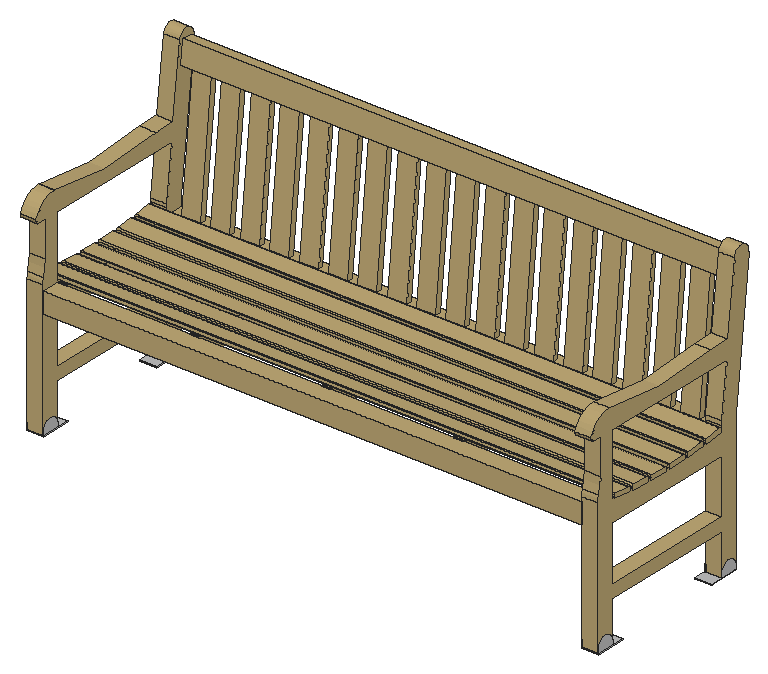
Revit family "L-FUR_벤치_BCBG1-M_예건", category 일반 모델, Revit 2021
Family settings
  보강 철근 호스트 가능 = 아니오
  원형 커넥터 치수 = 지름 사용
  부품 유형 = 보통
  작업 기준면 기반 = 아니오
  항상 수직 = 예
  로드될 때 보이드를 사용하여 절단 = 아니오
  공유 = 아니오
  룸 계산 점 = 아니오
Parameters
  한국산업규격KS = ""
  조달청표준공사코드-세부공종 = ""
  기본 입면도 = 0 mm
  건설정보분류체계-부위분류 = "E943"
  LIM_INFO_주의사항 = "재배포, 재가공, 판매 금지"
  LIM_INFO_제품업체 = "예건"
  LIM_INFO_제품번호 = "YF-16"
  LIM_INFO_제품명 = "펜스_YF-16"
  LIM_INFO_제작일 = "20230315"
  LIM_INFO_재료 = "Hardwood, STL-pipe, STL-plate"
  LIM_INFO_업체정보 = ""
  LIM_INFO_업체URL = "https://yekun.com/"
  LIM_INFO_업체TEL = "(+82)31-943-6114"
  LIM_INFO_업체EMAIL = "yekun@yekun.com"
  LIM_INFO_버전 = "2023_V01"
  LIM_INFO_기타정보 = ""
  LIM_INFO_규격 = "W2000 x H1800"
  LIM_INFO_가격 = 0
  LIM_INFO_PV_포장재여부 = yes
  LIM_INFO_PV_면적 = 0.00 m²
  KBIMS_식별-버전 = ""
  KBIMS_식별-bSK등록번호 = ""
  KBIMS_보급정보-저작자 = "림인포테크_MMJ"
  KBIMS_보급정보-보급코드 = ""
Reference planes
  plane 1 "중심(앞/뒤)": y = 0
  plane 2: z = 0
  plane 3 "중심(왼쪽/오른쪽)": x = 0
Dimensions and locks
  aligned and locked: level to plane 2
Nested families
  nested 1: "BCBG1-M_base" at (0, 0, 0), type "BCBG1-M_base"
Definition of nested family "BCBG1-M_base"
  Parameters (values of type "BCBG1-M_base")
    Default Elevation = 0 mm
  Reference planes
    plane 1 "중심(앞/뒤)": y = 0
    plane 2: z = 0
    plane 3 "중심(왼쪽/오른쪽)": x = 0
  Forms (mm)
    Extrusion 1, solid, detail levels fine
      sketch origin (2, 1137.389, -250.311) x (0, 1, 0) y (0, 0, 1)
        loop
          arc (-1100.675, 748.285) -> (-1102.038, 723.089) -> (-1106.675, 698.285) r 193.013
          arc (-1106.675, 698.285) -> (-1109.647, 688.479) -> (-1110.676, 678.285) r 53
          line (-1110.676, 678.285) -> (-1110.679, 252.336) -> (-1055.679, 252.336) -> (-1055.679, 383.311) -> (-623.678, 383.311) -> (-623.678, 252.336) -> (-568.678, 252.336) -> (-568.678, 678.363)
          arc (-568.678, 678.363) -> (-568.472, 684.767) -> (-567.857, 691.146) r 100
          line (-567.857, 691.146) -> (-517.49, 1128.029)
          arc (-517.49, 1128.029) -> (-541.699, 1158.132) -> (-572.123, 1134.328) r 27.5
          line (-572.123, 1134.328) -> (-597.385, 915.209) -> (-666.936, 915.209)
          arc (-666.936, 915.209) -> (-864.983, 899.996) -> (-1062.023, 925.085) r 978.676
          arc (-1062.023, 925.085) -> (-1063.055, 925.271) -> (-1064.077, 925.347) r 10
          arc (-1064.077, 925.347) -> (-1109.327, 911.455) -> (-1137.389, 873.336) r 75.424
          arc (-1137.389, 873.336) -> (-1134.27, 864.165) -> (-1125.393, 860.285) r 12
          line (-1125.393, 860.285) -> (-1100.675, 860.285) -> (-1100.675, 748.285)
        loop
          line (-1055.676, 663.314) -> (-1051.264, 663.314)
          arc (-1051.264, 663.314) -> (-911.589, 649.805) -> (-771.262, 649.872) r 1448.819
          arc (-771.262, 649.872) -> (-762.186, 650.314) -> (-753.113, 650.811) r 1500
          arc (-753.113, 650.811) -> (-751.542, 650.878) -> (-749.974, 650.995) r 49.453
          arc (-749.974, 650.995) -> (-688.892, 655.908) -> (-628.062, 663.311) r 1500
          line (-628.062, 663.311) -> (-623.678, 663.311) -> (-623.678, 681.893)
          arc (-623.678, 681.893) -> (-623.472, 688.297) -> (-622.857, 694.676) r 100
          line (-622.857, 694.676) -> (-603.486, 860.281) -> (-1055.676, 860.281) -> (-1055.676, 663.314)
        loop
          line (-623.678, 598.314) -> (-1055.676, 598.314) -> (-1055.676, 423.311) -> (-623.678, 423.311) -> (-623.678, 598.314)
      from 0 to 50
    Extrusion 2, solid, detail levels fine
      sketch origin (2, -0.045, 0) x (0, 1, 0) y (0, 0, 1)
        loop
          line (149.639, 419.915) -> (96.998, 426.073)
          arc (96.998, 426.073) -> (94.789, 425.446) -> (93.67, 423.442) r 3
          line (93.67, 423.442) -> (92.624, 414.502)
          arc (92.624, 414.502) -> (93.25, 412.293) -> (95.255, 411.174) r 3
          line (95.255, 411.174) -> (147.896, 405.016)
          arc (147.896, 405.016) -> (150.105, 405.643) -> (151.224, 407.648) r 3
          line (151.224, 407.648) -> (152.27, 416.587)
          arc (152.27, 416.587) -> (151.644, 418.796) -> (149.639, 419.915) r 3
        loop
          arc (164.603, 406.412) -> (165.336, 404.236) -> (167.393, 403.215) r 3
          line (167.393, 403.215) -> (220.271, 399.626)
          arc (220.271, 399.626) -> (222.447, 400.359) -> (223.468, 402.416) r 3
          line (223.468, 402.416) -> (224.077, 411.395)
          arc (224.077, 411.395) -> (223.344, 413.571) -> (221.287, 414.591) r 3
          line (221.287, 414.591) -> (168.409, 418.181)
          arc (168.409, 418.181) -> (166.233, 417.448) -> (165.213, 415.391) r 3
          line (165.213, 415.391) -> (164.603, 406.412)
        loop
          arc (236.865, 402.041) -> (237.695, 399.901) -> (239.796, 398.974) r 3
          line (239.796, 398.974) -> (292.783, 397.776)
          arc (292.783, 397.776) -> (294.923, 398.606) -> (295.85, 400.707) r 3
          line (295.85, 400.707) -> (296.053, 409.705)
          arc (296.053, 409.705) -> (295.223, 411.845) -> (293.122, 412.772) r 3
          line (293.122, 412.772) -> (240.136, 413.97)
          arc (240.136, 413.97) -> (237.995, 413.14) -> (237.069, 411.039) r 3
          line (237.069, 411.039) -> (236.865, 402.041)
        loop
          arc (309.315, 400.775) -> (310.256, 398.68) -> (312.403, 397.865) r 3
          line (312.403, 397.865) -> (365.38, 399.431)
          arc (365.38, 399.431) -> (367.474, 400.372) -> (368.29, 402.518) r 3
          line (368.29, 402.518) -> (368.024, 411.514)
          arc (368.024, 411.514) -> (367.083, 413.609) -> (364.936, 414.424) r 3
          line (364.936, 414.424) -> (311.96, 412.858)
          arc (311.96, 412.858) -> (309.865, 411.917) -> (309.05, 409.771) r 3
          line (309.05, 409.771) -> (309.315, 400.775)
        loop
          arc (381.706, 403.242) -> (382.748, 401.196) -> (384.931, 400.485) r 3
          line (384.931, 400.485) -> (437.769, 404.627)
          arc (437.769, 404.627) -> (439.815, 405.669) -> (440.526, 407.852) r 3
          line (440.526, 407.852) -> (439.822, 416.825)
          arc (439.822, 416.825) -> (438.781, 418.871) -> (436.597, 419.581) r 3
          line (436.597, 419.581) -> (383.759, 415.44)
          arc (383.759, 415.44) -> (381.713, 414.398) -> (381.003, 412.214) r 3
          line (381.003, 412.214) -> (381.706, 403.242)
        loop
          arc (453.895, 409.228) -> (455.035, 407.235) -> (457.25, 406.632) r 3
          line (457.25, 406.632) -> (509.824, 413.339)
          arc (509.824, 413.339) -> (511.817, 414.479) -> (512.42, 416.694) r 3
          line (512.42, 416.694) -> (511.281, 425.622)
          arc (511.281, 425.622) -> (510.141, 427.615) -> (507.926, 428.218) r 3
          line (507.926, 428.218) -> (455.352, 421.511)
          arc (455.352, 421.511) -> (453.359, 420.371) -> (452.756, 418.156) r 3
          line (452.756, 418.156) -> (453.895, 409.228)
      from 0 to 1800
    Extrusion 3, solid, detail levels fine
      sketch origin (2, -0.045, 0) x (0, 1, 0) y (0, 0, 1)
        loop
          arc (619.944, 877.719) -> (595.734, 907.821) -> (565.31, 884.017) r 27.5
          line (565.31, 884.017) -> (540.048, 664.898) -> (470.497, 664.898)
          arc (470.497, 664.898) -> (271.938, 649.699) -> (74.413, 675.006) r 978.676
          arc (74.413, 675.006) -> (28.539, 661.449) -> (0.045, 623.025) r 75.424
          arc (0.045, 623.025) -> (3.164, 613.854) -> (12.04, 609.975) r 12
          line (12.04, 609.975) -> (36.758, 609.975) -> (36.758, 497.975)
          arc (36.758, 497.975) -> (35.396, 472.778) -> (30.758, 447.975) r 193.013
          arc (30.758, 447.975) -> (27.787, 438.169) -> (26.758, 427.975) r 53
          line (26.758, 427.975) -> (26.754, 2) -> (81.754, 2) -> (81.754, 133) -> (513.756, 133) -> (513.756, 2) -> (568.756, 2) -> (568.756, 428.052)
          arc (568.756, 428.052) -> (568.961, 434.457) -> (569.576, 440.835) r 100
          line (569.576, 440.835) -> (619.944, 877.719)
        loop
          line (81.757, 348.003) -> (81.757, 173) -> (513.756, 173) -> (513.756, 348.003) -> (81.757, 348.003)
        loop
          line (81.758, 413.003) -> (86.169, 413.003)
          arc (86.169, 413.003) -> (225.844, 399.494) -> (366.171, 399.562) r 1448.819
          arc (366.171, 399.562) -> (375.247, 400.003) -> (384.32, 400.5) r 1500
          arc (384.32, 400.5) -> (385.891, 400.567) -> (387.459, 400.685) r 49.453
          arc (387.459, 400.685) -> (448.541, 405.597) -> (509.371, 413) r 1500
          line (509.371, 413) -> (513.756, 413) -> (513.756, 431.582)
          arc (513.756, 431.582) -> (513.961, 437.987) -> (514.576, 444.365) r 100
          line (514.576, 444.365) -> (533.948, 609.971) -> (81.758, 609.971) -> (81.758, 413.003)
      from 1750 to 1800
    Extrusion 4, solid, detail levels fine
      sketch origin (2, -0.045, 0) x (0, 1, 0) y (0, 0, 1)
        loop
          line (81.758, 413.003) -> (26.758, 413.003) -> (26.758, 348.003) -> (81.758, 348.003) -> (81.758, 413.003)
      from 50 to 1750
    Extrusion 5, solid, detail levels fine
      sketch origin (2, 486.953, 0) x (0, 1, 0) y (0, 0, 1)
        loop
          line (81.758, 413.003) -> (26.758, 413.003) -> (26.758, 348.003) -> (81.758, 348.003) -> (81.758, 413.003)
      from 50 to 1750
    Extrusion 6, solid, detail levels fine
      sketch origin (2, -0.045, 0) x (0, 1, 0) y (0, 0, 1)
        loop
          line (602.22, 810.265) -> (610.466, 881.792) -> (574.703, 885.915) -> (566.458, 814.392) -> (602.22, 810.265)
      from 50 to 1750
    Extrusion 7, solid, detail levels fine
      sketch origin (2, -0.045, 0) x (0, 1, 0) y (0, 0, 1)
        loop
          line (576.98, 813.178) -> (533.805, 413.003) -> (548.892, 413.003) -> (591.881, 811.458) -> (576.98, 813.178)
      from 82.6 to 142.6
    Extrusion 8, solid, detail levels fine
      sketch origin (94.638, -0.045, 0) x (0, 1, 0) y (0, 0, 1)
        loop
          line (576.98, 813.178) -> (533.805, 413.003) -> (548.892, 413.003) -> (591.881, 811.458) -> (576.98, 813.178)
      from 82.6 to 142.6
    Extrusion 9, solid, detail levels fine
      sketch origin (187.3, -0.045, 0) x (0, 1, 0) y (0, 0, 1)
        loop
          line (576.98, 813.178) -> (533.805, 413.003) -> (548.892, 413.003) -> (591.881, 811.458) -> (576.98, 813.178)
      from 82.6 to 142.6
    Extrusion 10, solid, detail levels fine
      sketch origin (279.938, -0.045, 0) x (0, 1, 0) y (0, 0, 1)
        loop
          line (576.98, 813.178) -> (533.805, 413.003) -> (548.892, 413.003) -> (591.881, 811.458) -> (576.98, 813.178)
      from 82.6 to 142.6
    Extrusion 11, solid, detail levels fine
      sketch origin (372.5, -0.045, 0) x (0, 1, 0) y (0, 0, 1)
        loop
          line (576.98, 813.178) -> (533.805, 413.003) -> (548.892, 413.003) -> (591.881, 811.458) -> (576.98, 813.178)
      from 82.6 to 142.6
    Extrusion 12, solid, detail levels fine
      sketch origin (465.138, -0.045, 0) x (0, 1, 0) y (0, 0, 1)
        loop
          line (576.98, 813.178) -> (533.805, 413.003) -> (548.892, 413.003) -> (591.881, 811.458) -> (576.98, 813.178)
      from 82.6 to 142.6
    Extrusion 13, solid, detail levels fine
      sketch origin (557.8, -0.045, 0) x (0, 1, 0) y (0, 0, 1)
        loop
          line (576.98, 813.178) -> (533.805, 413.003) -> (548.892, 413.003) -> (591.881, 811.458) -> (576.98, 813.178)
      from 82.6 to 142.6
    Extrusion 14, solid, detail levels fine
      sketch origin (650.438, -0.045, 0) x (0, 1, 0) y (0, 0, 1)
        loop
          line (576.98, 813.178) -> (533.805, 413.003) -> (548.892, 413.003) -> (591.881, 811.458) -> (576.98, 813.178)
      from 82.6 to 142.6
    Extrusion 15, solid, detail levels fine
      sketch origin (743, -0.045, 0) x (0, 1, 0) y (0, 0, 1)
        loop
          line (576.98, 813.178) -> (533.805, 413.003) -> (548.892, 413.003) -> (591.881, 811.458) -> (576.98, 813.178)
      from 82.6 to 142.6
    Extrusion 16, solid, detail levels fine
      sketch origin (835.638, -0.045, 0) x (0, 1, 0) y (0, 0, 1)
        loop
          line (576.98, 813.178) -> (533.805, 413.003) -> (548.892, 413.003) -> (591.881, 811.458) -> (576.98, 813.178)
      from 82.6 to 142.6
    Extrusion 17, solid, detail levels fine
      sketch origin (928.3, -0.045, 0) x (0, 1, 0) y (0, 0, 1)
        loop
          line (576.98, 813.178) -> (533.805, 413.003) -> (548.892, 413.003) -> (591.881, 811.458) -> (576.98, 813.178)
      from 82.6 to 142.6
    Extrusion 18, solid, detail levels fine
      sketch origin (1020.938, -0.045, 0) x (0, 1, 0) y (0, 0, 1)
        loop
          line (576.98, 813.178) -> (533.805, 413.003) -> (548.892, 413.003) -> (591.881, 811.458) -> (576.98, 813.178)
      from 82.6 to 142.6
    Extrusion 19, solid, detail levels fine
      sketch origin (1113.5, -0.045, 0) x (0, 1, 0) y (0, 0, 1)
        loop
          line (576.98, 813.178) -> (533.805, 413.003) -> (548.892, 413.003) -> (591.881, 811.458) -> (576.98, 813.178)
      from 82.6 to 142.6
    Extrusion 20, solid, detail levels fine
      sketch origin (1206.138, -0.045, 0) x (0, 1, 0) y (0, 0, 1)
        loop
          line (576.98, 813.178) -> (533.805, 413.003) -> (548.892, 413.003) -> (591.881, 811.458) -> (576.98, 813.178)
      from 82.6 to 142.6
    Extrusion 21, solid, detail levels fine
      sketch origin (1298.8, -0.045, 0) x (0, 1, 0) y (0, 0, 1)
        loop
          line (576.98, 813.178) -> (533.805, 413.003) -> (548.892, 413.003) -> (591.881, 811.458) -> (576.98, 813.178)
      from 82.6 to 142.6
    Extrusion 22, solid, detail levels fine
      sketch origin (1391.438, -0.045, 0) x (0, 1, 0) y (0, 0, 1)
        loop
          line (576.98, 813.178) -> (533.805, 413.003) -> (548.892, 413.003) -> (591.881, 811.458) -> (576.98, 813.178)
      from 82.6 to 142.6
    Extrusion 23, solid, detail levels fine
      sketch origin (1484.1, -0.045, 0) x (0, 1, 0) y (0, 0, 1)
        loop
          line (576.98, 813.178) -> (533.805, 413.003) -> (548.892, 413.003) -> (591.881, 811.458) -> (576.98, 813.178)
      from 82.6 to 142.6
    Extrusion 24, solid, detail levels fine
      sketch origin (1576.738, -0.045, 0) x (0, 1, 0) y (0, 0, 1)
        loop
          line (576.98, 813.178) -> (533.805, 413.003) -> (548.892, 413.003) -> (591.881, 811.458) -> (576.98, 813.178)
      from 82.6 to 142.6
    Extrusion 25, solid, detail levels fine
      sketch origin (2, -0.045, 0) x (0, 1, 0) y (0, 0, 1)
        loop
          arc (366.171, 399.562) -> (225.844, 399.494) -> (86.169, 413.003) r 1448.819
          line (86.169, 413.003) -> (81.758, 413.003) -> (81.758, 348.002) -> (513.756, 348.002) -> (513.756, 413) -> (509.371, 413)
          arc (509.371, 413) -> (448.541, 405.597) -> (387.459, 400.685) r 1500
          arc (387.459, 400.685) -> (385.891, 400.567) -> (384.32, 400.5) r 49.453
          arc (384.32, 400.5) -> (375.247, 400.003) -> (366.171, 399.562) r 1500
      from 468 to 498
    Extrusion 26, solid, detail levels fine
      sketch origin (-416, -0.045, 0) x (0, 1, 0) y (0, 0, 1)
        loop
          arc (366.171, 399.562) -> (225.844, 399.494) -> (86.169, 413.003) r 1448.819
          line (86.169, 413.003) -> (81.758, 413.003) -> (81.758, 348.002) -> (513.756, 348.002) -> (513.756, 413) -> (509.371, 413)
          arc (509.371, 413) -> (448.541, 405.597) -> (387.459, 400.685) r 1500
          arc (387.459, 400.685) -> (385.891, 400.567) -> (384.32, 400.5) r 49.453
          arc (384.32, 400.5) -> (375.247, 400.003) -> (366.171, 399.562) r 1500
      from 468 to 498
    Extrusion 27, solid, detail levels fine
      sketch origin (1254, -0.045, 0) x (0, 1, 0) y (0, 0, 1)
        loop
          arc (366.171, 399.562) -> (225.844, 399.494) -> (86.169, 413.003) r 1448.819
          line (86.169, 413.003) -> (81.758, 413.003) -> (81.758, 348.002) -> (513.756, 348.002) -> (513.756, 413) -> (509.371, 413)
          arc (509.371, 413) -> (448.541, 405.597) -> (387.459, 400.685) r 1500
          arc (387.459, 400.685) -> (385.891, 400.567) -> (384.32, 400.5) r 49.453
          arc (384.32, 400.5) -> (375.247, 400.003) -> (366.171, 399.562) r 1500
      from 468 to 498
    Extrusion 28, solid, detail levels fine
      sketch origin (836, -0.045, 0) x (0, 1, 0) y (0, 0, 1)
        loop
          arc (366.171, 399.562) -> (225.844, 399.494) -> (86.169, 413.003) r 1448.819
          line (86.169, 413.003) -> (81.758, 413.003) -> (81.758, 348.002) -> (513.756, 348.002) -> (513.756, 413) -> (509.371, 413)
          arc (509.371, 413) -> (448.541, 405.597) -> (387.459, 400.685) r 1500
          arc (387.459, 400.685) -> (385.891, 400.567) -> (384.32, 400.5) r 49.453
          arc (384.32, 400.5) -> (375.247, 400.003) -> (366.171, 399.562) r 1500
      from 468 to 498
    Extrusion 29, solid, detail levels fine
      sketch origin (418, -0.045, 0) x (0, 1, 0) y (0, 0, 1)
        loop
          arc (366.171, 399.562) -> (225.844, 399.494) -> (86.169, 413.003) r 1448.819
          line (86.169, 413.003) -> (81.758, 413.003) -> (81.758, 348.002) -> (513.756, 348.002) -> (513.756, 413) -> (509.371, 413)
          arc (509.371, 413) -> (448.541, 405.597) -> (387.459, 400.685) r 1500
          arc (387.459, 400.685) -> (385.891, 400.567) -> (384.32, 400.5) r 49.453
          arc (384.32, 400.5) -> (375.247, 400.003) -> (366.171, 399.562) r 1500
      from 468 to 498
    Extrusion 30, solid, detail levels fine
      sketch origin (0, -0.045, 0) x (0, 1, 0) y (0, 0, 1)
        loop
          line (26.754, 15.867) -> (26.754, 2.026) -> (81.754, 2.026) -> (81.754, 17.485)
          arc (81.754, 17.485) -> (53.509, 42.014) -> (26.754, 15.867) r 27.604
      from 0 to 2
    Extrusion 31, solid, detail levels fine
      sketch origin (52, -0.045, 0) x (0, 1, 0) y (0, 0, 1)
        loop
          line (26.754, 15.867) -> (26.754, 2.026) -> (81.754, 2.026) -> (81.754, 17.485)
          arc (81.754, 17.485) -> (53.509, 42.014) -> (26.754, 15.867) r 27.604
      from 0 to 2
    Extrusion 32, solid, detail levels fine
      sketch origin (1750, -0.045, 0) x (0, 1, 0) y (0, 0, 1)
        loop
          line (26.754, 15.867) -> (26.754, 2.026) -> (81.754, 2.026) -> (81.754, 17.485)
          arc (81.754, 17.485) -> (53.509, 42.014) -> (26.754, 15.867) r 27.604
      from 0 to 2
    Extrusion 33, solid, detail levels fine
      sketch origin (1802, -0.045, 0) x (0, 1, 0) y (0, 0, 1)
        loop
          line (26.754, 15.867) -> (26.754, 2.026) -> (81.754, 2.026) -> (81.754, 17.485)
          arc (81.754, 17.485) -> (53.509, 42.014) -> (26.754, 15.867) r 27.604
      from 0 to 2
    Extrusion 34, solid, detail levels fine
      sketch origin (0, -0.045, 0) x (0, 1, 0) y (0, 0, 1)
        loop
          line (122.821, 0.026) -> (122.821, 2.026) -> (26.754, 2.026) -> (26.754, 0.026) -> (122.821, 0.026)
      from 0 to 54
    Extrusion 35, solid, detail levels fine
      sketch origin (1750, -0.045, 0) x (0, 1, 0) y (0, 0, 1)
        loop
          line (122.821, 0.026) -> (122.821, 2.026) -> (26.754, 2.026) -> (26.754, 0.026) -> (122.821, 0.026)
      from 0 to 54
    Extrusion 36, solid, detail levels fine
      sketch origin (0, 486.89, 0) x (0, 1, 0) y (0, 0, 1)
        loop
          line (26.754, 15.867) -> (26.754, 2.026) -> (81.754, 2.026) -> (81.754, 17.485)
          arc (81.754, 17.485) -> (53.509, 42.014) -> (26.754, 15.867) r 27.604
      from 0 to 2
    Extrusion 37, solid, detail levels fine
      sketch origin (52, 486.89, 0) x (0, 1, 0) y (0, 0, 1)
        loop
          line (26.754, 15.867) -> (26.754, 2.026) -> (81.754, 2.026) -> (81.754, 17.485)
          arc (81.754, 17.485) -> (53.509, 42.014) -> (26.754, 15.867) r 27.604
      from 0 to 2
    Extrusion 38, solid, detail levels fine
      sketch origin (1750, 486.89, 0) x (0, 1, 0) y (0, 0, 1)
        loop
          line (26.754, 15.867) -> (26.754, 2.026) -> (81.754, 2.026) -> (81.754, 17.485)
          arc (81.754, 17.485) -> (53.509, 42.014) -> (26.754, 15.867) r 27.604
      from 0 to 2
    Extrusion 39, solid, detail levels fine
      sketch origin (1802, 486.89, 0) x (0, 1, 0) y (0, 0, 1)
        loop
          line (26.754, 15.867) -> (26.754, 2.026) -> (81.754, 2.026) -> (81.754, 17.485)
          arc (81.754, 17.485) -> (53.509, 42.014) -> (26.754, 15.867) r 27.604
      from 0 to 2
    Extrusion 40, solid, detail levels fine
      sketch origin (1750, 445.89, 0) x (0, 1, 0) y (0, 0, 1)
        loop
          line (122.821, 0.026) -> (122.821, 2.026) -> (26.754, 2.026) -> (26.754, 0.026) -> (122.821, 0.026)
      from 0 to 54
    Extrusion 41, solid, detail levels fine
      sketch origin (0, 445.89, 0) x (0, 1, 0) y (0, 0, 1)
        loop
          line (122.821, 0.026) -> (122.821, 2.026) -> (26.754, 2.026) -> (26.754, 0.026) -> (122.821, 0.026)
      from 0 to 54
    Extrusion 42, solid, detail levels coarse+medium
      sketch origin (0, -0.045, 0) x (0, 1, 0) y (0, 0, 1)
        loop
          line (92.275, 411.523) -> (510.902, 411.523) -> (510.902, 428.598) -> (92.275, 428.598) -> (92.275, 411.523)
      from 0 to 1800
    Extrusion 43, solid, detail levels coarse+medium
      sketch origin (0, -0.045, 0) x (0, 1, 0) y (0, 0, 1)
        loop
          line (568.423, 911.016) -> (540.048, 664.898) -> (26.76, 664.898) -> (26.754, 2) -> (81.754, 2) -> (81.754, 133) -> (513.756, 133) -> (513.756, 2) -> (568.756, 2) -> (568.756, 428.052)
          arc (568.756, 428.052) -> (568.961, 434.457) -> (569.576, 440.835) r 100
          line (569.576, 440.835) -> (623.046, 904.626) -> (568.423, 911.016)
        loop
          line (81.757, 348.003) -> (81.757, 173) -> (513.756, 173) -> (513.756, 348.003) -> (81.757, 348.003)
        loop
          line (81.758, 413.003) -> (513.756, 413.003) -> (513.756, 431.582)
          arc (513.756, 431.582) -> (513.961, 437.987) -> (514.576, 444.365) r 100
          line (514.576, 444.365) -> (533.948, 609.971) -> (81.758, 609.971) -> (81.758, 413.003)
      from 1750 to 1800
    Extrusion 44, solid, detail levels coarse+medium
      sketch origin (0, -0.045, 0) x (0, 1, 0) y (0, 0, 1)
        loop
          line (81.758, 413.003) -> (26.758, 413.003) -> (26.758, 348.003) -> (81.758, 348.003) -> (81.758, 413.003)
      from 50 to 1750
    Extrusion 45, solid, detail levels coarse+medium
      sketch origin (0, 486.953, 0) x (0, 1, 0) y (0, 0, 1)
        loop
          line (81.758, 413.003) -> (26.758, 413.003) -> (26.758, 348.003) -> (81.758, 348.003) -> (81.758, 413.003)
      from 50 to 1750
    Extrusion 46, solid, detail levels coarse+medium
      sketch origin (0, -0.045, 0) x (0, 1, 0) y (0, 0, 1)
        loop
          line (602.22, 810.265) -> (610.466, 881.792) -> (574.703, 885.915) -> (566.458, 814.392) -> (602.22, 810.265)
      from 50 to 1750
    Extrusion 47, solid, detail levels coarse+medium
      sketch origin (370.5, -0.045, 0) x (0, 1, 0) y (0, 0, 1)
        loop
          line (576.98, 813.178) -> (533.805, 413.003) -> (548.892, 413.003) -> (591.881, 811.458) -> (576.98, 813.178)
      from -287.9 to 1346.838
    Extrusion 48, solid, detail levels coarse+medium
      sketch origin (-418, -0.045, 0) x (0, 1, 0) y (0, 0, 1)
        loop
          arc (366.171, 399.562) -> (225.844, 399.494) -> (86.169, 413.003) r 1448.819
          line (86.169, 413.003) -> (81.758, 413.003) -> (81.758, 348.002) -> (513.756, 348.002) -> (513.756, 413) -> (509.371, 413)
          arc (509.371, 413) -> (448.541, 405.597) -> (387.459, 400.685) r 1500
          arc (387.459, 400.685) -> (385.891, 400.567) -> (384.32, 400.5) r 49.453
          arc (384.32, 400.5) -> (375.247, 400.003) -> (366.171, 399.562) r 1500
      from 468 to 498
    Extrusion 49, solid, detail levels coarse+medium
      sketch origin (1252, -0.045, 0) x (0, 1, 0) y (0, 0, 1)
        loop
          arc (366.171, 399.562) -> (225.844, 399.494) -> (86.169, 413.003) r 1448.819
          line (86.169, 413.003) -> (81.758, 413.003) -> (81.758, 348.002) -> (513.756, 348.002) -> (513.756, 413) -> (509.371, 413)
          arc (509.371, 413) -> (448.541, 405.597) -> (387.459, 400.685) r 1500
          arc (387.459, 400.685) -> (385.891, 400.567) -> (384.32, 400.5) r 49.453
          arc (384.32, 400.5) -> (375.247, 400.003) -> (366.171, 399.562) r 1500
      from 468 to 498
    Extrusion 50, solid, detail levels coarse+medium
      sketch origin (0, -0.045, 0) x (0, 1, 0) y (0, 0, 1)
        loop
          line (568.423, 911.016) -> (540.048, 664.898) -> (26.76, 664.898) -> (26.754, 2) -> (81.754, 2) -> (81.754, 133) -> (513.756, 133) -> (513.756, 2) -> (568.756, 2) -> (568.756, 428.052)
          arc (568.756, 428.052) -> (568.961, 434.457) -> (569.576, 440.835) r 100
          line (569.576, 440.835) -> (623.046, 904.626) -> (568.423, 911.016)
        loop
          line (81.757, 348.003) -> (81.757, 173) -> (513.756, 173) -> (513.756, 348.003) -> (81.757, 348.003)
        loop
          line (81.758, 413.003) -> (513.756, 413.003) -> (513.756, 431.582)
          arc (513.756, 431.582) -> (513.961, 437.987) -> (514.576, 444.365) r 100
          line (514.576, 444.365) -> (533.948, 609.971) -> (81.758, 609.971) -> (81.758, 413.003)
      from 0 to 50
  Dimensions and locks
    aligned and locked: level to plane 2
